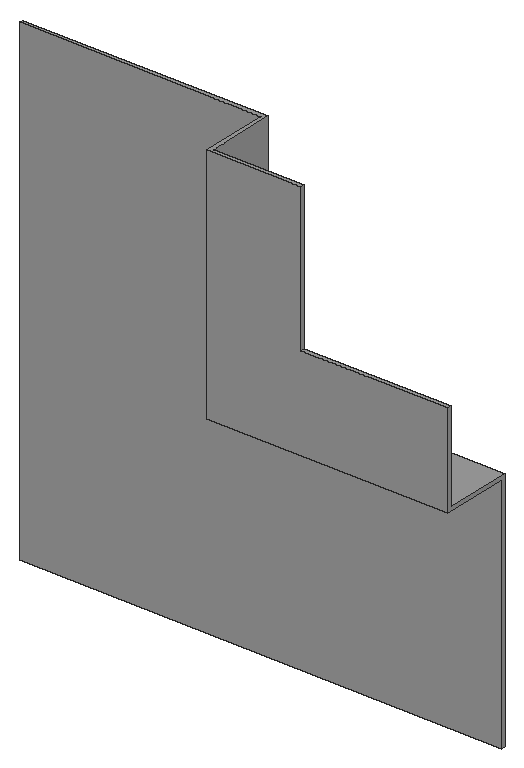
Revit family "Flashing_Preformed_Hyload_Type-W5", category Generic Models, Revit 2013
Parameters (values of type "As Specified")
  Unit Width = 0' - 7 1/8"
  Unit Height = 0' - 4"
  Unit Depth = 0' - 6"
  URL = "http://www.hyload.com/"
  Thickness = 0' - 0 1/16"
  Specification = "http://www.arcat.com/sdspecs/htm04/07_65_00hyl.htm"
  Sales Information = "http://www.hyload.com/contact-us"
  Revision = "R1_12-2015"
  Product Properties = "http://www.hyload.com/masonry-flashing/preformed-shapes/"
  Product Data = "http://www.arcat.com/arcatcos/cos33/arc33176.html"
  Model = "Type W5"
  Manufacturer Website = "http://www.hyload.com/"
  Manufacturer Phone - Toll Free = "800-457-4056"
  Manufacturer Phone = "330-769-3546"
  Manufacturer Fax = "330-769-4153"
  Manufacturer Address = "5020 Panther Pkwy., Seville, OH 44273"
  Manufacturer = "Hyload"
  Keynote = "07 65 00"
  Flashing Material = Hyload Flashing Membrane - Grey
  Drawn By = "Robert S. Weygant / Sumex Design"
  Description = "Preformed Hyload Masonry Flashing - Type W5"
  Copyright = "(c) ARCAT, Inc, 2015"
  Construction Details = "http://www.arcat.com/details/hyload/hyload.html?coid=33176"
  Assembly Code = "B3010400"
Reference planes (in)
  plane 1 "Center (Front/Back)": y = 0
  plane 2: z = 0
  plane 3 "Center (Left/Right)": x = 0
  plane 4: x = 4
  plane 5: z = 4
  plane 6: y = -1.125
  plane 7: z = 8
Forms (in)
  Sweep 1, solid, material "Hyload Flashing Membrane - Grey" <- "Flashing Material"
    path origin (0, 0, 0) x (1, 0, 0) y (0, 0, 1)
      loop
        line (4, 4) -> (0, 4) -> (0, 8)
    profile origin (2, 0, 4) x (0, 0, -1) y (0, -1, 0)
      loop
        line (0, 0) -> (0, 1.125) -> (-1.5625, 1.125) -> (-1.5625, 1.0625) -> (-0.0625, 1.0625) -> (-0.0625, -0.0625) -> (4, -0.0625) -> (4, 0) -> (0, 0)
Dimensions and locks (in)
  "Unit Height": plane 5 to level
  plane 1 "Center (Front/Back)" to plane 6 = 0' - 1 1/8"
  plane 7 to level = 0' - 8"
  plane 4 to plane 3 "Center (Left/Right)" = 0' - 4"
  aligned and locked: plane 2 to level
  aligned and locked: plane 3 "Center (Left/Right)" to Sweep 1 sketch curve
  aligned and locked: plane 5 to Sweep 1 sketch curve  (x2)
  aligned and locked: Sweep 1 sketch curve to plane 6
  aligned and locked: Sweep 1 sketch curve to level
  aligned and locked: plane 7 to Sweep 1 sketch curve
Automatic sketch dimensions
  profile plane to Sweep 1 sketch curve = 0' - 1 9/16"
  profile plane to Sweep 1 sketch curve = 0' - 0 1/16"
  Sweep 1 sketch curve to Sweep 1 sketch curve = 0' - 0 1/16"  (x2)
  Sweep 1 sketch curve to plane 1 "Center (Front/Back)" = 0' - 0"
  Sweep 1 sketch curve to plane 4 = 0' - 0"
